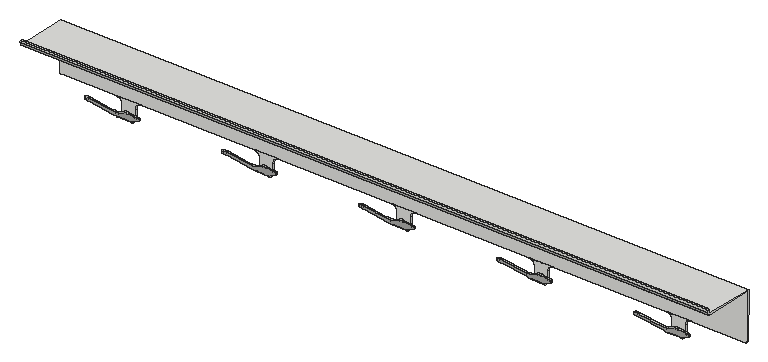
Revit family "Magnuson-Stal-Hook_Strips-", category Furniture, Revit 2014
Parameters (values of type "Type Catalog")
  Width = 50"
  V Dist = 0"
  URL = "https://magnusongroup.com/products.html"
  Type Comments = "STAL"  # constant formula
  Multi = yes
  Hook Dist = if(Width > 20", 5", Width / 2)  # 5"
  Hook Array Dist = if(Width > 20", (Width - (2 * Hook Dist)) / (# of Hooks - 1), 1/128")  # 10"
  H Dist = 0"
  Frame Finish = MAG - Powdercoat White
  Salvage or Reuse = yes
  Percentage of Recycled Content = 0
  Model = "STAL-5-P"
  Manufacturer = "MAGNUSON GROUP"  # constant formula
  Low Emitting Material = yes
  Low Emitting Finish = yes
  Keynote = "12500"
  Height = 40 11/32"
  Description = "HookStrips With Five Hook"
  Depth = 3 45/64"
  Assembly Code = "E2020200"
  1S = not(Multi)  # no
  # of Hooks = if(Width > 40", 5, (if(Width > 30", 4, (if(Width > 20", 3, 2)))))  # 5
Reference planes (in)
  plane 1 "Center Front/Back": y = 0
  plane 2: z = 0
  plane 3 "Center Left/Right": x = 0
  plane 4: x = -3
  plane 5: y = 0
  plane 6: y = -3.70312
  plane 7: y = -3.625
  plane 8: z = 40
  plane 9: z = 39.92188
  plane 10: z = 40.34375
  plane 11: z = 36.54688
  plane 12: x = 47
  plane 13: z = 40.15625
  plane 14: z = 36.73438
  plane 15: y = -0.07812
  plane 16: x = 22
  plane 17: z = 36.04688
  plane 18: y = 0.07813
  plane 19: z = 35.04688
  plane 20: x = 2
  plane 21: x = 12
  plane 22: x = 22
  plane 23: x = 32
  plane 24: x = 42
Forms (in)
  Extrusion 1, solid, material "MAG - Powdercoat White" <- "Frame Finish", visible <- "Multi"
    sketch origin (0, 0, 0) x (1, 0, 0) y (0, 0, 1)
      loop
        line (-3, 40.21875) -> (-3, 40.15625) -> (47, 40.15625) -> (47, 40.21875)
        arc (47, 40.21875) -> (46.96339, 40.30714) -> (46.875, 40.34375) r 0.125
        line (46.875, 40.34375) -> (-2.875, 40.34375)
        arc (-2.875, 40.34375) -> (-2.96339, 40.30714) -> (-3, 40.21875) r 0.125
    from 3.625 to 3.70312
  Extrusion 2, solid, material "MAG - Powdercoat White" <- "Frame Finish", visible <- "Multi"
    sketch origin (0, 0, 0) x (1, 0, 0) y (0, 0, 1)
      loop
        line (-2.875, 36.54688) -> (46.875, 36.54688)
        arc (46.875, 36.54688) -> (46.96339, 36.58349) -> (47, 36.67188) r 0.125
        line (47, 36.67188) -> (47, 36.73438) -> (-3, 36.73438) -> (-3, 36.67188)
        arc (-3, 36.67188) -> (-2.96339, 36.58349) -> (-2.875, 36.54688) r 0.125
    from 0 to 0.07812
  Extrusion 3, solid, material "MAG - Powdercoat White" <- "Frame Finish", visible <- "Multi"
    sketch origin (0, 0, 0) x (0, 1, 0) y (0, 0, 1)
      loop
        line (-3.625, 40.15625) -> (-3.70312, 40.15625) -> (-3.70312, 40.125)
        arc (-3.70312, 40.125) -> (-3.64363, 39.98137) -> (-3.5, 39.92187) r 0.20313
        line (-3.5, 39.92187) -> (-0.07812, 39.92187) -> (-0.07812, 36.73438) -> (0, 36.73438) -> (0, 40) -> (-3.5, 40)
        arc (-3.5, 40) -> (-3.58839, 40.03661) -> (-3.625, 40.125) r 0.125
        line (-3.625, 40.125) -> (-3.625, 40.15625)
    from -3 to 47
  Extrusion 4, void
    sketch origin (-3, 0, 0) x (1, 0, 0) y (0, 0, 1)
      loop
        circle (5, 38.84865) r 0.125
    from 0 to 0.07813
  Extrusion 5, void
    sketch origin (7, 0, 0) x (1, 0, 0) y (0, 0, 1)
      loop
        circle (5, 38.84865) r 0.125
    from 0 to 0.07813
  Extrusion 6, void
    sketch origin (17, 0, 0) x (1, 0, 0) y (0, 0, 1)
      loop
        circle (5, 38.84865) r 0.125
    from 0 to 0.07813
  Extrusion 7, void
    sketch origin (27, 0, 0) x (1, 0, 0) y (0, 0, 1)
      loop
        circle (5, 38.84865) r 0.125
    from 0 to 0.07813
  Extrusion 8, void
    sketch origin (37, 0, 0) x (1, 0, 0) y (0, 0, 1)
      loop
        circle (5, 38.84865) r 0.125
    from 0 to 0.07813
Cuts and joins
  Extrusion 5, Extrusion 6, Extrusion 7, Extrusion 8 cuts Extrusion 1
  Extrusion 5, Extrusion 6, Extrusion 7, Extrusion 8 cuts Extrusion 2
  Extrusion 4, Extrusion 5, Extrusion 6, Extrusion 7, Extrusion 8 cuts Extrusion 3
  joined: Extrusion 1, Extrusion 2, Extrusion 3
Lines and regions (in)
  reference lines
    curve 1: line (22, 0, 35.03504) -> (22, -3.70312, 38.73817)
    curve 2: line (22, -3.70312, 38.84865) -> (22, 0, 35.14553)
  symbolic lines, visible <- "Multi"
    curve 3: line (-3, 0, 11.84375) -> (-3, -3.70312, 11.84375)
    curve 4: line (47, 0, 11.84375) -> (-3, 0, 11.84375)
    curve 5: line (47, 0, 11.84375) -> (47, -3.70312, 11.84375)
    curve 6: line (47, -3.70312, 11.84375) -> (-3, -3.70312, 11.84375)
Dimensions and locks (in)
  plane 10 to plane 9 to plane 11 = 27/64" locked, 3 3/8" locked
  locked: plane 8 to plane 9 at 0.07812
  "Height": plane 10 to plane 2
  "Width": plane 4 to plane 12
  "Depth": plane 6 to plane 5
  locked: plane 6 to plane 7 at 0.07812
  plane 14 to plane 11 to plane 17 to plane 19 = 3/16" locked, 1/2" locked, 1" locked
  locked: plane 10 to plane 13 at 0.1875
  plane 15 to plane 5 to plane 18 = 5/64" locked, 5/64" locked
  equal spacing: plane 4, plane 16, plane 12
  plane 10 to curve 2 to curve 1 = 1.4951" locked, 0.11049" locked
  plane 11 to curve 2 to curve 1 = 1.40135" locked, 0.11049" locked
  equal spacing: group 1, group 2, group 3, group 4, group 5  (x3)
  "Hook Dist": plane 20 to plane 4
  "Hook Array Dist": plane 21 to plane 20
  "V Dist": plane 5 to plane 1 "Center Front/Back"
  plane 4 to plane 3 "Center Left/Right" = 3"
  radius of Extrusion 1 sketch curve = 1/8"  (x2)
  radius of Extrusion 2 sketch curve = 1/8"  (x2)
  radius of Extrusion 3 sketch curve = 1/8"
  radius of Extrusion 3 sketch curve = 13/64"
  aligned and locked: level to plane 2
  aligned and locked: Extrusion 1 sketch curve to plane 4
  aligned and locked: Extrusion 1 sketch curve to plane 13
  aligned and locked: Extrusion 1 sketch curve to plane 10
  aligned and locked: Extrusion 1 sketch curve to plane 12
  aligned and locked: Extrusion 2 sketch curve to plane 11
  aligned and locked: Extrusion 2 sketch curve to plane 14
  aligned and locked: Extrusion 2 sketch curve to plane 4
  aligned and locked: Extrusion 2 sketch curve to plane 12
  aligned and locked: plane 6 to Extrusion 1
  aligned and locked: Extrusion 1 to plane 7
  aligned and locked: Extrusion 2 to plane 5
  aligned and locked: plane 15 to Extrusion 2
  aligned and locked: plane 13 to Extrusion 3 sketch curve
  aligned and locked: plane 7 to Extrusion 3 sketch curve
  aligned and locked: plane 6 to Extrusion 3 sketch curve
  aligned and locked: plane 8 to Extrusion 3 sketch curve
  aligned and locked: plane 9 to Extrusion 3 sketch curve
  aligned and locked: plane 5 to Extrusion 3 sketch curve
  aligned and locked: plane 15 to Extrusion 3 sketch curve
  aligned and locked: plane 14 to Extrusion 3 sketch curve
  aligned and locked: plane 12 to Extrusion 3
  aligned and locked: Extrusion 3 to plane 4
  aligned and locked: plane 5 to curve 1
  aligned and locked: plane 6 to curve 1
  aligned and locked: plane 5 to curve 2
  aligned and locked: plane 6 to curve 2
  aligned and locked: plane 11 to nested 1  (x2)
  aligned and locked: plane 20 to nested 1
  aligned and locked: plane 5 to nested 1  (x2)
  aligned and locked: plane 21 to nested 2
  aligned and locked: plane 11 to nested 2
  aligned and locked: nested 1 to plane 5
  aligned and locked: plane 5 to nested 2
  aligned and locked: curve 3 to plane 4
  aligned and locked: curve 4 to plane 5
  aligned and locked: curve 5 to plane 12
  aligned and locked: curve 6 to plane 6
  aligned and locked: Extrusion 4 to plane 1 "Center Front/Back"
  aligned and locked: plane 15 to Extrusion 4
  aligned and locked: nested 3 to plane 6
  aligned and locked: plane 3 "Center Left/Right" to nested 3
  aligned and locked: plane 22 to nested 4
  aligned and locked: plane 23 to nested 5
  aligned and locked: plane 24 to nested 6
Automatic sketch dimensions
  Extrusion 3 sketch curve to Extrusion 3 sketch curve = 0"
  Extrusion 4 sketch curve to plane 20 = 0"
  Extrusion 5 sketch curve to plane 21 = 0"
  Extrusion 6 sketch curve to plane 22 = 0"
  Extrusion 7 sketch curve to plane 23 = 0"
  Extrusion 8 sketch curve to plane 24 = 0"
  radius of Extrusion 4 sketch curve = 1/8"
  radius of Extrusion 5 sketch curve = 1/8"
  radius of Extrusion 6 sketch curve = 1/8"
  radius of Extrusion 7 sketch curve = 1/8"
  radius of Extrusion 8 sketch curve = 1/8"
Nested families (in)
  nested 1: "Hook" at (2, 0, 0), Frame Finish <- "Frame Finish", visible <- "Multi", type "Hook"
    with Frame Finish MAG - Powdercoat White
  nested 2: "Hook" at (12, 0, 0), Frame Finish <- "Frame Finish", visible <- "Multi", type "Hook"
    with Frame Finish MAG - Powdercoat White
  nested 3: "Magnuson-Stal-Hook-Single" at (0, 0, 0), 1S <- "1S", V Dist <- "V Dist", type "HookStrips-1S"
    with V Dist 0", H Dist 0", Frame Finish none, 1S no
  nested 4: "Hook" at (22, 0, 0), Frame Finish <- "Frame Finish", visible <- "Multi", type "Hook"
    with Frame Finish MAG - Powdercoat White
  nested 5: "Hook" at (32, 0, 0), Frame Finish <- "Frame Finish", visible <- "Multi", type "Hook"
    with Frame Finish MAG - Powdercoat White
  nested 6: "Hook" at (42, 0, 0), Frame Finish <- "Frame Finish", visible <- "Multi", type "Hook"
    with Frame Finish MAG - Powdercoat White
Definition of nested family "Hook"
  Parameters (values of type "Hook")
    URL = ""
    Type Comments = ""
    Multi [instance] = yes
    Frame Finish [instance] = none
    Model = ""
    Manufacturer = ""
    Keynote = "12500"
    Description = ""
    Assembly Code = "E2020200"
  Reference planes (in)
    plane 1 "Center Front/Back": y = 0
    plane 2: z = 0
    plane 3 "Center Left/Right": x = 0
    plane 4: y = 0
    plane 5: y = -3.70312
    plane 6: y = -3.625
    plane 7: z = 39.92188
    plane 8: z = 36.54688
    plane 9: z = 36.73438
    plane 10: y = -0.07812
    plane 11: x = 0
    plane 12: x = 0
    plane 13: x = -0.5
    plane 14: x = 0.5
    plane 15: z = 36.04688
    plane 16: x = -2
    plane 17: x = 2
    plane 18: y = 0.07813
    plane 19: z = 35.04688
  Forms (in)
    Extrusion 1, solid, material <- "Frame Finish"
      sketch origin (0, 36.73742, 48) x (0, 1, 0) y (0, 0, 1)
        loop
          line (-36.73742, -11.95312) -> (-36.81555, -11.95312) -> (-36.81555, -12.39913)
          arc (-36.81555, -12.39913) -> (-36.912, -12.54348) -> (-37.08228, -12.50961) r 0.15625
          line (-37.08228, -12.50961) -> (-40.36242, -9.22947) -> (-40.36242, -9.33996) -> (-37.13752, -12.56486)
          arc (-37.13752, -12.56486) -> (-36.8821, -12.61566) -> (-36.73742, -12.39913) r 0.23438
          line (-36.73742, -12.39913) -> (-36.73742, -11.95312)
      from -2 to 2
    Extrusion 2, solid, material <- "Frame Finish"
      sketch origin (-10, 0, 0) x (1, 0, 0) y (0, 0, 1)
        loop
          arc (10.5, 36.17188) -> (10.60983, 36.43704) -> (10.875, 36.54688) r 0.375
          line (10.875, 36.54688) -> (9.125, 36.54688)
          arc (9.125, 36.54688) -> (9.39017, 36.43704) -> (9.5, 36.17188) r 0.375
          line (9.5, 36.17188) -> (9.5, 36.04688) -> (10.5, 36.04688) -> (10.5, 36.17188)
      from 0 to 0.07813
    Extrusion 3, void
      sketch origin (-70.54339, -180, 11.84375) x (-1, 0, 0) y (0, -1, 0)
        loop
          line (-70.04339, -180) -> (-70.04339, -179.71694)
          arc (-70.04339, -179.71694) -> (-70.00142, -179.54456) -> (-69.8849, -179.41076) r 0.375
          line (-69.8849, -179.41076) -> (-68.71075, -178.58051)
          arc (-68.71075, -178.58051) -> (-68.60508, -178.37638) -> (-68.71075, -178.17226) r 0.25
          line (-68.71075, -178.17226) -> (-68.98484, -177.97844)
          arc (-68.98484, -177.97844) -> (-69.12918, -177.93257) -> (-69.27352, -177.97844) r 0.25
          line (-69.27352, -177.97844) -> (-70.25472, -178.67226)
          arc (-70.25472, -178.67226) -> (-70.54339, -178.76401) -> (-70.83207, -178.67226) r 0.5
          line (-70.83207, -178.67226) -> (-71.81327, -177.97844)
          arc (-71.81327, -177.97844) -> (-71.95761, -177.93257) -> (-72.10195, -177.97844) r 0.25
          line (-72.10195, -177.97844) -> (-72.37604, -178.17226)
          arc (-72.37604, -178.17226) -> (-72.4817, -178.37638) -> (-72.37604, -178.58051) r 0.25
          line (-72.37604, -178.58051) -> (-71.20189, -179.41076)
          arc (-71.20189, -179.41076) -> (-71.08537, -179.54456) -> (-71.04339, -179.71694) r 0.375
          line (-71.04339, -179.71694) -> (-71.04339, -180) -> (-70.04339, -180)
        loop
          line (-72.54339, -180.07813) -> (-68.54339, -180.07813) -> (-68.54339, -176.29688) -> (-72.54339, -176.29688) -> (-72.54339, -180.07813)
      from 23.20313 to 28.07813
  Cuts and joins
    Extrusion 3 cuts Extrusion 1
    joined: Extrusion 1, Extrusion 2
  Lines and regions (in)
    reference lines
      curve 1: line (0, 0, 35.03504) -> (0, -3.70312, 38.73817)
      curve 2: line (0, -3.70312, 38.84865) -> (0, 0, 35.14553)
    symbolic lines, style "FurnitureHiddenLines", visible <- "Multi"
      curve 3: line (-0.5, -0.07812, 0) -> (-0.5, -0.28306, 0)
      curve 4: arc (-0.5, -0.28306, 0) -> (-0.54186, -0.45547, 0) -> (-0.65813, -0.58948, 0) r 0.37597
      curve 5: line (-0.65813, -0.58948, 0) -> (-1.83265, -1.41949, 0)
      curve 6: arc (-1.83265, -1.41949, 0) -> (-1.93835, -1.62358, 0) -> (-1.83271, -1.8277, 0) r 0.24995
      curve 7: line (-1.83271, -1.8277, 0) -> (-1.55855, -2.02156, 0)
      curve 8: arc (-1.55855, -2.02156, 0) -> (-1.41422, -2.06743, 0) -> (-1.26988, -2.02156, 0) r 0.25
      curve 9: line (-1.26988, -2.02156, 0) -> (-0.28867, -1.32774, 0)
      curve 10: line (1.26988, -2.02156, 0) -> (0.28867, -1.32774, 0)
      curve 11: arc (-0.28867, -1.32774, 0) -> (0, -1.23599, 0) -> (0.28867, -1.32774, 0) r 0.5
      curve 12: arc (1.55855, -2.02156, 0) -> (1.41422, -2.06743, 0) -> (1.26988, -2.02156, 0) r 0.25
      curve 13: line (1.55855, -2.02156, 0) -> (1.83265, -1.82774, 0)
      curve 14: arc (1.83265, -1.82774, 0) -> (1.93862, -1.62358, 0) -> (1.83356, -1.41894, 0) r 0.25074
      curve 15: line (1.83356, -1.41894, 0) -> (0.65849, -0.58924, 0)
      curve 16: arc (0.65849, -0.58924, 0) -> (0.54191, -0.45548, 0) -> (0.49998, -0.28306, 0) r 0.37454
      curve 17: line (0.49998, -0.28306, 0) -> (0.49998, -0.08032, 0)
  Dimensions and locks (in)
    locked: plane 7 to plane 8 at 3.375
    locked: plane 5 to plane 4 at 3.70313
    locked: plane 5 to plane 6 at 0.07812
    plane 9 to plane 8 to plane 15 to plane 19 = 3/16" locked, 1/2" locked, 1" locked
    plane 10 to plane 4 to plane 18 = 5/64" locked, 5/64" locked
    locked: curve 2 to curve 1 at 0.11049
    plane 8 to curve 2 to curve 1 = 1.40135" locked, 0.11049" locked
    plane 16 to plane 13 to plane 11 to plane 14 to plane 17 = 1 1/2" locked, 1/2" locked, 1/2" locked, 1 1/2" locked
    plane 16 to Extrusion 3 sketch curve to Extrusion 3 sketch curve to Extrusion 3 sketch curve to Extrusion 3 sketch curve to Extrusion 3 sketch curve to Extrusion 3 sketch curve to Extrusion 3 sketch curve = 0.16735" locked, 0" locked, 0.27409" locked, 0.28867" locked, 0.61138" locked, 0.15849" locked, 0.21133" locked
    Extrusion 3 sketch curve to Extrusion 3 sketch curve to Extrusion 3 sketch curve to Extrusion 3 sketch curve to Extrusion 3 sketch curve to Extrusion 3 sketch curve to Extrusion 3 sketch curve to plane 17 = 0.21133" locked, 0.15849" locked, 0.61138" locked, 0.28867" locked, 0.27409" locked, 0" locked, 0.16735" locked
    Extrusion 3 sketch curve to Extrusion 3 sketch curve to Extrusion 3 sketch curve to Extrusion 3 sketch curve to Extrusion 3 sketch curve to Extrusion 3 sketch curve to plane 4 = 0" locked, 0.19381" locked, 0.40825" locked, 0.83025" locked, 0.30619" locked, 0.28306" locked
    Extrusion 3 sketch curve to Extrusion 3 sketch curve to Extrusion 3 sketch curve to Extrusion 3 sketch curve to Extrusion 3 sketch curve to Extrusion 3 sketch curve to Extrusion 3 sketch curve to plane 18 = 0" locked, 0.19381" locked, 0.40825" locked, 0.09175" locked, 0.7385" locked, 0.30619" locked, 0.36118" locked
    radius of Extrusion 1 sketch curve = 5/32"
    radius of Extrusion 1 sketch curve = 15/64"
    radius of Extrusion 2 sketch curve = 3/8"  (x2)
    radius of Extrusion 3 sketch curve = 3/8"  (x2)
    radius of Extrusion 3 sketch curve = 1/4"  (x4)
    radius of Extrusion 3 sketch curve = 1/2"
    aligned and locked: level to plane 2
    aligned and locked: Extrusion 1 to plane 16
    aligned and locked: plane 17 to Extrusion 1
    aligned and locked: Extrusion 2 to plane 4
    aligned and locked: plane 10 to Extrusion 2
    aligned and locked: plane 7 to Extrusion 3
    aligned and locked: Extrusion 3 to plane 19
    aligned and locked: plane 12 to plane 11
    aligned and locked: plane 4 to plane 1 "Center Front/Back"
    aligned and locked: plane 12 to plane 3 "Center Left/Right"
Definition of nested family "Magnuson-Stal-Hook-Single"
  Parameters (values of type "HookStrips-1S")
    Width = 4"
    V Dist [instance] = 0"
    URL = "https://magnusongroup.com/products.html"
    Type Comments = "HookStrips"  # constant formula
    H Dist [instance] = 0"  # constant formula
    Frame Finish [instance] = none
    Model = "HookStrips-1S"
    Manufacturer = "MAGNUSON GROUP"  # constant formula
    Keynote = "12500"
    Height = 40 11/32"
    Description = "Hook"
    Depth = 3 45/64"
    Assembly Code = "E2020200"
    1S [instance] = yes
  Reference planes (in)
    plane 1 "Center Front/Back": y = 0
    plane 2: z = 0
    plane 3 "Center Left/Right": x = 0
    plane 4: y = 0
    plane 5: y = -3.70312
    plane 6: y = -3.625
    plane 7: z = 40
    plane 8: z = 39.92188
    plane 9: z = 40.34375
    plane 10: z = 36.54688
    plane 11: z = 40.15625
    plane 12: z = 36.73438
    plane 13: y = -0.07812
    plane 14: x = 0
    plane 15: x = 0
    plane 16: x = -0.5
    plane 17: x = 0.5
    plane 18: z = 36.04688
    plane 19: x = -2
    plane 20: x = 2
    plane 21: y = 0.07813
    plane 22: z = 35.04688
  Forms (in)
    Extrusion 1, solid, material <- "Frame Finish", visible <- "1S"
      sketch origin (0, 0, 0) x (1, 0, 0) y (0, 0, 1)
        loop
          line (-0.5, 40.21875) -> (-0.5, 40.15625) -> (0.5, 40.15625) -> (0.5, 40.21875)
          arc (0.5, 40.21875) -> (0.46339, 40.30714) -> (0.375, 40.34375) r 0.125
          line (0.375, 40.34375) -> (-0.375, 40.34375)
          arc (-0.375, 40.34375) -> (-0.46339, 40.30714) -> (-0.5, 40.21875) r 0.125
      from 3.625 to 3.70312
    Extrusion 2, solid, material <- "Frame Finish", visible <- "1S"
      sketch origin (0, 0, 0) x (0, 1, 0) y (0, 0, 1)
        loop
          line (-3.625, 40.15625) -> (-3.70312, 40.15625) -> (-3.70312, 40.125)
          arc (-3.70312, 40.125) -> (-3.64363, 39.98137) -> (-3.5, 39.92187) r 0.20313
          line (-3.5, 39.92187) -> (-0.07812, 39.92187) -> (-0.07812, 36.04687) -> (0, 36.04687) -> (0, 40) -> (-3.5, 40)
          arc (-3.5, 40) -> (-3.58839, 40.03661) -> (-3.625, 40.125) r 0.125
          line (-3.625, 40.125) -> (-3.625, 40.15625)
      from -0.5 to 0.5
    Extrusion 3, solid, material <- "Frame Finish", visible <- "1S"
      sketch origin (0, 36.73742, 48) x (0, 1, 0) y (0, 0, 1)
        loop
          line (-36.73742, -11.95312) -> (-36.81555, -11.95312) -> (-36.81555, -12.39913)
          arc (-36.81555, -12.39913) -> (-36.912, -12.54348) -> (-37.08228, -12.50961) r 0.15625
          line (-37.08228, -12.50961) -> (-40.36242, -9.22947) -> (-40.36242, -9.33996) -> (-37.13752, -12.56486)
          arc (-37.13752, -12.56486) -> (-36.8821, -12.61566) -> (-36.73742, -12.39913) r 0.23438
          line (-36.73742, -12.39913) -> (-36.73742, -11.95312)
      from -2 to 2
    Extrusion 4, void
      sketch origin (-60.54339, -180, 11.84375) x (-1, 0, 0) y (0, -1, 0)
        loop
          line (-60.04339, -180) -> (-60.04339, -179.71694)
          arc (-60.04339, -179.71694) -> (-60.00142, -179.54456) -> (-59.8849, -179.41076) r 0.375
          line (-59.8849, -179.41076) -> (-58.71075, -178.58051)
          arc (-58.71075, -178.58051) -> (-58.60508, -178.37638) -> (-58.71075, -178.17226) r 0.25
          line (-58.71075, -178.17226) -> (-58.98484, -177.97844)
          arc (-58.98484, -177.97844) -> (-59.12918, -177.93257) -> (-59.27352, -177.97844) r 0.25
          line (-59.27352, -177.97844) -> (-60.25472, -178.67226)
          arc (-60.25472, -178.67226) -> (-60.54339, -178.76401) -> (-60.83207, -178.67226) r 0.5
          line (-60.83207, -178.67226) -> (-61.81327, -177.97844)
          arc (-61.81327, -177.97844) -> (-61.95761, -177.93257) -> (-62.10195, -177.97844) r 0.25
          line (-62.10195, -177.97844) -> (-62.37604, -178.17226)
          arc (-62.37604, -178.17226) -> (-62.4817, -178.37638) -> (-62.37604, -178.58051) r 0.25
          line (-62.37604, -178.58051) -> (-61.20189, -179.41076)
          arc (-61.20189, -179.41076) -> (-61.08537, -179.54456) -> (-61.04339, -179.71694) r 0.375
          line (-61.04339, -179.71694) -> (-61.04339, -180) -> (-60.04339, -180)
        loop
          line (-62.54339, -180.07813) -> (-58.54339, -180.07813) -> (-58.54339, -176.29688) -> (-62.54339, -176.29688) -> (-62.54339, -180.07813)
      from 23.20313 to 28.07813
  Cuts and joins
    Extrusion 4 cuts Extrusion 3
    joined: Extrusion 1, Extrusion 2, Extrusion 3
  Lines and regions (in)
    reference lines
      curve 1: line (0, 0, 35.03504) -> (0, -3.70312, 38.73817)
      curve 2: line (0, -3.70312, 38.84865) -> (0, 0, 35.14553)
    symbolic lines, visible <- "1S"
      curve 3: line (-0.65158, -0.58436, 11.84375) -> (-1.84155, -1.42579, 11.84375)
      curve 4: spline (-1.84155, -1.42579, 11.84375) -> (-1.87078, -1.45478, 11.84375) -> (-1.89522, -1.48591, 11.84375) -> (-1.91455, -1.51878, 11.84375) -> (-1.92854, -1.55298, 11.84375) -> (-1.93701, -1.58807, 11.84375) -> (-1.93984, -1.62362, 11.84375) -> (-1.93701, -1.65916, 11.84375) -> (-1.92854, -1.69426, 11.84375) -> (-1.91455, -1.72846, 11.84375) -> (-1.89522, -1.76133, 11.84375) -> (-1.87078, -1.79246, 11.84375) -> (-1.84155, -1.82145, 11.84375)
      curve 5: line (-1.84155, -1.82145, 11.84375) -> (-1.55842, -2.02149, 11.84375)
      curve 6: spline (-1.55842, -2.02149, 11.84375) -> (-1.539, -2.03486, 11.84375) -> (-1.51713, -2.04618, 11.84375) -> (-1.49323, -2.05523, 11.84375) -> (-1.46777, -2.06182, 11.84375) -> (-1.44126, -2.06582, 11.84375) -> (-1.41422, -2.06717, 11.84375) -> (-1.38717, -2.06582, 11.84375) -> (-1.36066, -2.06182, 11.84375) -> (-1.33521, -2.05523, 11.84375) -> (-1.3113, -2.04618, 11.84375) -> (-1.28943, -2.03486, 11.84375) -> (-1.27001, -2.02149, 11.84375)
      curve 7: line (-1.27001, -2.02149, 11.84375) -> (-0.5, -1.47701, 11.84375)
      curve 8: line (0.5, -1.47701, 11.84375) -> (1.27001, -2.02149, 11.84375)
      curve 9: spline (1.27001, -2.02149, 11.84375) -> (1.28943, -2.03486, 11.84375) -> (1.3113, -2.04618, 11.84375) -> (1.33521, -2.05523, 11.84375) -> (1.36066, -2.06182, 11.84375) -> (1.38717, -2.06582, 11.84375) -> (1.41422, -2.06717, 11.84375) -> (1.44126, -2.06582, 11.84375) -> (1.46777, -2.06182, 11.84375) -> (1.49323, -2.05523, 11.84375) -> (1.51713, -2.04618, 11.84375) -> (1.539, -2.03486, 11.84375) -> (1.55842, -2.02149, 11.84375)
      curve 10: line (1.55842, -2.02149, 11.84375) -> (1.84155, -1.82145, 11.84375)
      curve 11: spline (1.84155, -1.82145, 11.84375) -> (1.87078, -1.79246, 11.84375) -> (1.89522, -1.76133, 11.84375) -> (1.91455, -1.72846, 11.84375) -> (1.92854, -1.69426, 11.84375) -> (1.93701, -1.65916, 11.84375) -> (1.93984, -1.62362, 11.84375) -> (1.93701, -1.58807, 11.84375) -> (1.92854, -1.55298, 11.84375) -> (1.91455, -1.51878, 11.84375) -> (1.89522, -1.48591, 11.84375) -> (1.87078, -1.45478, 11.84375) -> (1.84155, -1.42579, 11.84375)
      curve 12: line (1.84155, -1.42579, 11.84375) -> (0.65158, -0.58436, 11.84375)
      curve 13: spline (0.65158, -0.58436, 11.84375) -> (0.63146, -0.56744, 11.84375) -> (0.61264, -0.5498, 11.84375) -> (0.59517, -0.53147, 11.84375) -> (0.5791, -0.51251, 11.84375) -> (0.56448, -0.49297, 11.84375) -> (0.55135, -0.47291, 11.84375) -> (0.53974, -0.45239, 11.84375) -> (0.5297, -0.43146, 11.84375) -> (0.52124, -0.41018, 11.84375) -> (0.5144, -0.38861, 11.84375) -> (0.50918, -0.36682, 11.84375) -> (0.50561, -0.34486, 11.84375)
      curve 14: spline (-0.50561, -0.34486, 11.84375) -> (-0.50918, -0.36682, 11.84375) -> (-0.5144, -0.38861, 11.84375) -> (-0.52124, -0.41018, 11.84375) -> (-0.5297, -0.43146, 11.84375) -> (-0.53974, -0.45239, 11.84375) -> (-0.55135, -0.47291, 11.84375) -> (-0.56448, -0.49297, 11.84375) -> (-0.5791, -0.51251, 11.84375) -> (-0.59517, -0.53147, 11.84375) -> (-0.61264, -0.5498, 11.84375) -> (-0.63146, -0.56744, 11.84375) -> (-0.65158, -0.58436, 11.84375)
      curve 15: line (-0.5, 0, 11.84375) -> (-0.5, -3.70312, 11.84375)
      curve 16: line (0.5, -3.70312, 11.84375) -> (0.5, 0, 11.84375)
      curve 17: line (0.5, 0, 11.84375) -> (-0.5, 0, 11.84375)
      curve 18: line (0.5, -3.70312, 11.84375) -> (-0.5, -3.70312, 11.84375)
  Dimensions and locks (in)
    plane 9 to plane 8 to plane 10 = 27/64" locked, 3 3/8" locked
    locked: plane 7 to plane 8 at 0.07812
    "Height": plane 9 to plane 2
    "Depth": plane 5 to plane 4
    locked: plane 5 to plane 6 at 0.07812
    plane 12 to plane 10 to plane 18 to plane 22 = 3/16" locked, 1/2" locked, 1" locked
    locked: plane 9 to plane 11 at 0.1875
    plane 13 to plane 4 to plane 21 = 5/64" locked, 5/64" locked
    plane 9 to curve 2 to curve 1 = 1.4951" locked, 0.11049" locked
    plane 10 to curve 2 to curve 1 = 1.40135" locked, 0.11049" locked
    plane 16 to plane 14 to plane 17 = 1/2" locked, 1/2" locked
    plane 19 to Extrusion 4 sketch curve to Extrusion 4 sketch curve to Extrusion 4 sketch curve to Extrusion 4 sketch curve to Extrusion 4 sketch curve to Extrusion 4 sketch curve to Extrusion 4 sketch curve = 0.16735" locked, 0" locked, 0.27409" locked, 0.28867" locked, 0.61138" locked, 0.15849" locked, 0.21133" locked
    Extrusion 4 sketch curve to Extrusion 4 sketch curve to Extrusion 4 sketch curve to Extrusion 4 sketch curve to Extrusion 4 sketch curve to Extrusion 4 sketch curve to Extrusion 4 sketch curve to plane 20 = 0.21133" locked, 0.15849" locked, 0.61138" locked, 0.28867" locked, 0.27409" locked, 0" locked, 0.16735" locked
    Extrusion 4 sketch curve to Extrusion 4 sketch curve to Extrusion 4 sketch curve to Extrusion 4 sketch curve to Extrusion 4 sketch curve to Extrusion 4 sketch curve to plane 4 = 0" locked, 0.19381" locked, 0.40825" locked, 0.83025" locked, 0.30619" locked, 0.28306" locked
    Extrusion 4 sketch curve to Extrusion 4 sketch curve to Extrusion 4 sketch curve to Extrusion 4 sketch curve to Extrusion 4 sketch curve to Extrusion 4 sketch curve to Extrusion 4 sketch curve to plane 21 = 0" locked, 0.19381" locked, 0.40825" locked, 0.09175" locked, 0.7385" locked, 0.30619" locked, 0.36118" locked
    "Width": plane 19 to plane 20
    equal spacing: plane 19, plane 15, plane 20
    "H Dist": plane 3 "Center Left/Right" to plane 15
    "V Dist": plane 4 to plane 1 "Center Front/Back"
    radius of Extrusion 1 sketch curve = 1/8"  (x2)
    radius of Extrusion 2 sketch curve = 1/8"
    radius of Extrusion 2 sketch curve = 13/64"
    radius of Extrusion 3 sketch curve = 5/32"
    radius of Extrusion 3 sketch curve = 15/64"
    radius of Extrusion 4 sketch curve = 3/8"  (x2)
    radius of Extrusion 4 sketch curve = 1/4"  (x4)
    radius of Extrusion 4 sketch curve = 1/2"
    aligned and locked: level to plane 2
    aligned and locked: Extrusion 1 sketch curve to plane 11
    aligned and locked: Extrusion 1 sketch curve to plane 9
    aligned and locked: plane 5 to Extrusion 1
    aligned and locked: Extrusion 1 to plane 6
    aligned and locked: plane 11 to Extrusion 2 sketch curve
    aligned and locked: plane 6 to Extrusion 2 sketch curve
    aligned and locked: plane 5 to Extrusion 2 sketch curve
    aligned and locked: plane 7 to Extrusion 2 sketch curve
    aligned and locked: plane 8 to Extrusion 2 sketch curve
    aligned and locked: plane 4 to Extrusion 2 sketch curve
    aligned and locked: plane 13 to Extrusion 2 sketch curve
    aligned and locked: plane 4 to curve 1
    aligned and locked: plane 5 to curve 1
    aligned and locked: plane 4 to curve 2
    aligned and locked: plane 5 to curve 2
    aligned and locked: plane 4 to Extrusion 3 sketch curve
    aligned and locked: plane 13 to Extrusion 3 sketch curve
    aligned and locked: curve 2 to Extrusion 3 sketch curve
    aligned and locked: curve 1 to Extrusion 3 sketch curve
    aligned and locked: plane 18 to Extrusion 3 sketch curve
    aligned and locked: plane 6 to Extrusion 3 sketch curve
    aligned and locked: Extrusion 3 to plane 19
    aligned and locked: plane 20 to Extrusion 3
    aligned and locked: Extrusion 4 sketch curve to plane 16
    aligned and locked: Extrusion 4 sketch curve to plane 17
    aligned and locked: Extrusion 4 sketch curve to plane 4
    aligned and locked: Extrusion 4 sketch curve to plane 21
    aligned and locked: Extrusion 4 sketch curve to plane 19
    aligned and locked: Extrusion 4 sketch curve to plane 5
    aligned and locked: Extrusion 4 sketch curve to plane 20
    aligned and locked: plane 8 to Extrusion 4
    aligned and locked: Extrusion 4 to plane 22
    aligned and locked: Extrusion 1 sketch curve to plane 16
    aligned and locked: Extrusion 1 sketch curve to plane 17
    aligned and locked: Extrusion 2 to plane 16
    aligned and locked: plane 17 to Extrusion 2
    aligned and locked: plane 15 to plane 14
    aligned and locked: Extrusion 2 sketch curve to plane 18
    aligned and locked: curve 3 to cut or joined group of Extrusion 1, Extrusion 2, Extrusion 3, Extrusion 4
    aligned and locked: curve 12 to cut or joined group of Extrusion 1, Extrusion 2, Extrusion 3, Extrusion 4
    aligned and locked: curve 15 to Extrusion 2
    aligned and locked: Extrusion 2 to curve 16
    aligned and locked: curve 17 to Extrusion 2
    aligned and locked: curve 18 to plane 5
  Automatic sketch dimensions
    Extrusion 2 sketch curve to Extrusion 2 sketch curve = 0"
    Extrusion 3 sketch curve to Extrusion 3 sketch curve = 0.11049"
    Extrusion 3 sketch curve to Extrusion 3 sketch curve = 0.05524"
    Extrusion 4 sketch curve to plane 14 = 0"
    plane 17 to curve 12 = 0.15158"
    curve 8 to plane 20 = 0.72999"
    curve 10 to curve 8 = 0.28841"
    curve 10 to plane 20 = 0.15845"
    curve 12 to plane 20 = 0.15845"
    curve 3 to plane 16 = 0.15158"
    plane 19 to curve 7 = 0.72999"
    curve 7 to curve 5 = 0.28841"
    plane 19 to curve 5 = 0.15845"
    plane 19 to curve 3 = 0.15845"
    curve 11 to curve 10 = 0.39565"
    curve 4 to curve 5 = 0.39565"
    curve 11 to curve 10 = 0.20005"
    curve 5 to curve 5 = 0.20005"
    curve 9 to curve 8 = 0"
    curve 5 to curve 7 = 0"
    plane 17 to curve 13 = 0.00335"
    plane 17 to curve 13 = 0.00561"
    curve 13 to curve 12 = 0.43957"
    curve 9 to curve 9 = 0.04901"
    curve 11 to curve 9 = 0.0783"
    curve 11 to plane 20 = 0.06016"
    curve 14 to plane 16 = 0.00335"
    curve 14 to plane 16 = 0.00561"
    curve 14 to curve 14 = 0.43957"
    curve 6 to curve 4 = 0.0783"
    curve 6 to curve 6 = 0.04901"
    plane 19 to curve 4 = 0.06016"
    plane 4 to curve 13 = 0.30841"
    plane 4 to curve 14 = 0.30841"
    curve 3 to curve 7 = 0.89266"
    curve 12 to curve 8 = 0.89266"
    curve 6 to curve 7 = 0.0909"
    curve 9 to curve 9 = 0.0909"
